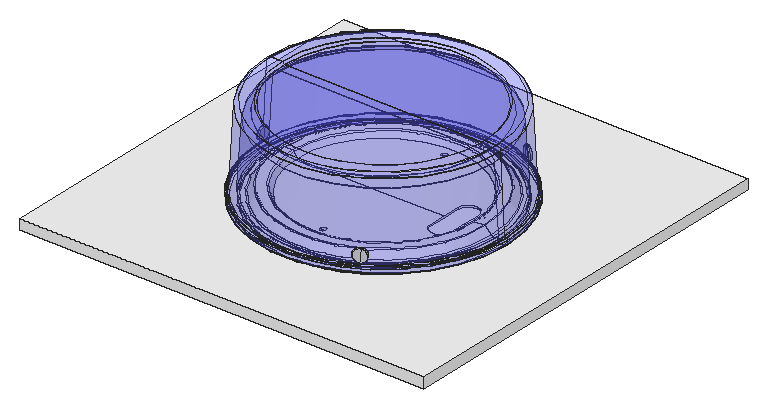
Revit family "BE_78634_de_DE", category Leuchten, Revit 2015
Parameters (values of type "BEGA_78634_K4")
  built-in parameter 1150104 = 11.566 (stored number, unit not read)
  Wattage = 10.6 W
  Default Elevation = 0 mm
  built-in parameter 1150113 = 1 (stored number, unit not read)
  built-in parameter 1114218 = 1 (stored number, unit not read)
  Umgebungstemperatur = ""
  URL = "http://www.bega.de/produkt/78634"
  Typenkommentare = "© 2017 BEGA. Wir behalten uns das Recht vor, technische Änderungen ohne vorherige Ankündigung vorzunehmen."  # constant formula
  built-in parameter 1150134 = 12
  built-in parameter 1150109 = 1 (stored number, unit not read)
  Strom = ""
  built-in parameter 1150110 = 1 (stored number, unit not read)
  Spannung = 239.996 V
  Sonderanfertigung = no
  Seriennummer [instance] = "Hier können Sie die eindeutige Seriennummer für das Facility Management eintragen."
  Schutzklasse = "I"
  Schutzart = "IP 20"
  Scheinlast = 0 VA
  Produktdatenblatt = "http://www.bega.de/download/Xrfa/db/78634.db.de.pdf"
  Oberflächentemperatur = ""
  Neigungswinkel = 0.00°
  Modell = "78634K4"
  Material_17 = BEGA_Reflektor
  Material_15 = BEGA_Leuchtmedium_matt
  Material_11 = BEGA_Glas_opal
  Material_09 = BEGA_Glas_klar
  Material_06 = BEGA_Oberfläche_Edelstahl_gebürstet
  Material_05 = BEGA_Oberfläche_Aluminium Guss
  Material_03 = BEGA_Oberfläche_Weiss_matt
  Material_02 = BEGA_Oberfläche_Silber_matt
  Material_01 [instance] = BEGA_Oberfläche_Grafit_matt
  M_W = no
  M_G = no
  M_A = no
  Logo = 0
  built-in parameter 1114217 = 1 (stored number, unit not read)
  built-in parameter 1150139 = (empty or 0)
  built-in parameter 1150105 = 246.36 (stored number, unit not read)
  built-in parameter 1150114 = 1 (stored number, unit not read)
  Lumens = 1319.7 lm
  built-in parameter 1150115 = 1 (stored number, unit not read)
  Leuchtenlichtstrom = "901 lm"
  Leuchtenanzahl = ""
  Lebensdauerkriterien = "L70 = 50.000 h"
  Lastklassifizierung = Beleuchtung
  built-in parameter 1150112 = 1 (stored number, unit not read)
  Lampenlichtstrom = "1320 lm"
  Lampe = "LED 10.6 W"
  LED_Modulbezeichnung = "2x LED-0343/840"
  Hersteller = "BEGA"  # constant formula
  Halbstreuwinkel = ""
  Gewicht = "2.5 kg"
  Gebrauchslageneinschränkung [instance] = ""
  Frequenz = "0/50-60 Hz"
  Farbwiedergabeindex = "Ra > 80"
  Farbtemperaturverschiebung bei Dämpfen der Lampe = <Keine Auswahl>
  Farbtemperatur = "4000 K"
  Color Filter = 16777215
  built-in parameter 1150133 = 10 (stored number, unit not read)
  Energieeffizienzklasse = "LED A++ - A"
  built-in parameter 1150137 = (empty or 0)
  built-in parameter 1150132 = (empty or 0)
  ENEC = ""
  Dimmbar [instance] = ""
  Datei für fotometrisches Netz = "BE_78634K4.IES"
  CE_Konformität = "ja"
  Bestellnummer = "78634K4"
  Beschreibung_Sonderanfertigung = "Hier können Sie Informationen zur Sonderanfertigung eintragen."
  Beschreibung = "Decken- und Wandleuchte"
  built-in parameter 1150106 = 2.4636 (stored number, unit not read)
  Befestigungsbohrung = "Ø 5,5 mm"
  Befestigungsabstand = "150 mm"
  Ballwurfsicher = ""
  BEGA_Intern_aus = yes
  BEGA_Intern_an = yes
  BEGA_Intern_Konstruktion = yes
  BEGA_Intern = yes
  BEGA_IES = yes
  BEGA_Dummy = no
  Anschlussleitung = ""
  Anschlussleistung [instance] = "12.5 W"
  Anschlusskasten = ""
  built-in parameter 1150107 = 4000 (stored number, unit not read)
  built-in parameter 1150102 = (empty or 0)
  built-in parameter 1150138 = (empty or 0)
  Aktualisierung = "2017-06-16T04:08:16"
  Abstand_zur_angestrahlten_Fläche [instance] = ""
  AC/DC = "AC/DC"
Types (2, lengths in mm): name | built-in parameter 1150104 | built-in parameter 1150134 | Modell | built-in parameter 1150105 | Lumens | Leuchtenlichtstrom | Lampenlichtstrom | LED_Modulbezeichnung | Farbtemperatur | Datei für fotometrisches Netz | Bestellnummer | built-in parameter 1150106 | built-in parameter 1150107
  BEGA_78634_K4 | 11.566 (stored number, unit not read) | 12 | "78634K4" | 246.36 (stored number, unit not read) | 1319.7 lm | "901 lm" | "1320 lm" | "2x LED-0343/840" | "4000 K" | "BE_78634K4.IES" | "78634K4" | 2.4636 (stored number, unit not read) | 4000 (stored number, unit not read)
  BEGA_78634_K3 | 10.78 (stored number, unit not read) | (empty or 0) | "78634" | 229.58 (stored number, unit not read) | 1229.92 lm | "840 lm" | "1230 lm" | "2x LED-0343/830" | "3000 K" | "BE_78634.IES" | "78634" | 2.2958 (stored number, unit not read) | 3000 (stored number, unit not read)
Reference planes
  plane 1 "Mitte (Vorne/Hinten)": y = 0
  plane 2: z = 0
  plane 3 "Mitte (Links/Rechts)": x = 0
  plane 4 "Links": x = -123
  plane 5 "Rechts": x = 123
  plane 6 "Unten": y = -123
  plane 7 "Oben": y = 123
  plane 8 "Vorne": z = 86.25
  plane 9 "Hinten": z = 0
Forms (mm)
  Extrusion 1, solid, material "BEGA_Platte_Weiss"
    sketch origin (0, -1119.2, 0) x (1, 0, 0) y (0, 1, 0)
      loop
        line (-200, 1319.2) -> (-200, 919.2) -> (200, 919.2) -> (200, 1319.2) -> (-200, 1319.2)
    from 0 to -10
  Extrusion 2, solid, material "BEGA_Dummy_matt", visible <- "BEGA_Dummy"
    sketch origin (77.149, -76.023, 0) x (1, 0, 0) y (0, 1, 0)
      loop
        circle (-77.149, 76.023) r 123
    from 0 to 86.25
Dimensions and locks
  plane 1 "Mitte (Vorne/Hinten)" to Extrusion 1 = 200 mm
  aligned and locked: plane 2 to Extrusion 1
  aligned and locked: level to Extrusion 1
Nested families
  nested 1: "BE_78634" at (0, 0, 0), type "BE_78634"
Connectors
  electrical at (0, 0, 0), driven by "Lastklassifizierung", driven by "Spannung", driven by "Scheinlast"
    settings: index 1, voltage 239.996 V, apparent load 0 VA, apparent load phase1 0 VA, apparent load phase2 0 VA, apparent load phase3 0 VA, power factor 1, load classification "Beleuchtung", number of poles 1, system type 31, power factor state 1, is connector primary yes, connector utility no, sub classification motor no, connector description ""
Definition of nested family "BE_78634"
  Parameters (values of type "BE_78634")
    Default Elevation = 1 mm
    URL = "http://www.bega.de/de/produkt"
    Type Comments = "© 2015 BEGA. Wir behalten uns das Recht vor, technische Änderungen ohne vorherige Ankündigung vorzunehmen. "  # constant formula
    Type Image = (empty or 0)
    Neigungswinkel_um_Z2 = 0.00°
    Neigungswinkel_um_Z1 = 0.00°
    Neigungswinkel_um_Y2 = 0.00°
    Neigungswinkel_um_Y1 = 0.00°
    Neigungswinkel_um_X2 = 0.00°
    Neigungswinkel_um_X1 = 0.00°
    Material_17 = none
    Material_15 = none
    Material_11 = none
    Material_09 = none
    Material_06 = none
    Material_05 = none
    Material_03 = none
    Material_02 = none
    Material_01 = none
    M_W = yes
    M_G = yes
    M_A = yes
    Länge_Platte = 300 mm  # constant formula
    Höhe_Platte = -10 mm  # constant formula
    Manufacturer = "BEGA"  # constant formula
    Drehwinkel_um_Z2 = 0.00°
    Drehwinkel_um_Z1 = 0.00°
    Breite_Platte = 300 mm  # constant formula
  Reference planes
    plane 1 "Mitte (Oben/Unten)": y = 0
    plane 2: z = 0
    plane 3 "Mitte (Links/Rechts)": x = 0
    plane 4: x = -123
    plane 5: z = 86.25
    plane 6: x = 123
    plane 7: y = -123
    plane 8: y = 123
  Forms (mm)
    Extrusion 1, solid, detail levels medium
      sketch origin (0, 0, 0) x (1, 0, 0) y (0, 1, 0)
        loop
          line (-150, 150) -> (-150, -150) -> (150, -150) -> (150, 150) -> (-150, 150)
      from 0 to -10 <- "Höhe_Platte"
    Revolve 2, solid, material <- "Material_03", detail levels medium+fine
      sketch origin (0, 0, 0) x (1, 0, 0) y (0, 0, 1)
        loop
          line (-119.5, 0) -> (-114, 0)
          arc (-114, 0) -> (-112.339, 0.733) -> (-111.748, 2.455) r 2.25
          arc (-111.748, 2.455) -> (-111.619, 2.837) -> (-111.25, 3) r 0.5
          line (-111.25, 3) -> (-107.375, 3)
          arc (-107.375, 3) -> (-106.055, 3.28) -> (-104.963, 4.072) r 3.25
          line (-104.963, 4.072) -> (-99.4, 10.25) -> (-89.816, 10.25) -> (-87.246, 5.206)
          arc (-87.246, 5.206) -> (-86.601, 4.508) -> (-85.686, 4.25) r 1.75
          line (-85.686, 4.25) -> (0, 4.25) -> (0, 5.5) -> (-85.993, 5.5) -> (-88.563, 10.544)
          arc (-88.563, 10.544) -> (-89.209, 11.243) -> (-90.126, 11.5) r 1.75
          line (-90.126, 11.5) -> (-99.398, 11.5)
          arc (-99.398, 11.5) -> (-99.908, 11.392) -> (-100.33, 11.085) r 1.254
          line (-100.33, 11.085) -> (-105.884, 4.917)
          arc (-105.884, 4.917) -> (-106.558, 4.424) -> (-107.367, 4.25) r 2
          line (-107.367, 4.25) -> (-111.25, 4.25)
          arc (-111.25, 4.25) -> (-112.542, 3.68) -> (-113.004, 2.341) r 1.75
          arc (-113.004, 2.341) -> (-113.261, 1.576) -> (-113.999, 1.25) r 1
          line (-113.999, 1.25) -> (-119.5, 1.25) -> (-119.5, 0)
        axis (0, 0) -> (0, 11.5)
      angle from 0 to 360
    Revolve 3, solid, material <- "Material_11", detail levels medium+fine
      sketch origin (0, 0, 0) x (1, 0, 0) y (0, 0, 1)
        loop
          line (0, 84.25) -> (-98, 84.25) -> (-100, 86.25) -> (-112.065, 86.25)
          arc (-112.065, 86.25) -> (-114.762, 85.204) -> (-116.049, 82.614) r 4
          line (-116.049, 82.614) -> (-119.95, 8.168)
          arc (-119.95, 8.168) -> (-120.261, 7.495) -> (-120.949, 7.22) r 1
          line (-120.949, 7.22) -> (-122, 7.22)
          arc (-122, 7.22) -> (-122.707, 6.927) -> (-123, 6.22) r 1
          line (-123, 6.22) -> (-123, 2.22)
          arc (-123, 2.22) -> (-122.707, 1.513) -> (-122, 1.22) r 1
          line (-122, 1.22) -> (-113.5, 1.22) -> (-113.5, 6.22) -> (-109.559, 70.647)
          arc (-109.559, 70.647) -> (-107.371, 75.317) -> (-102.578, 77.22) r 7
          line (-102.578, 77.22) -> (0, 77.22) -> (0, 84.25)
        axis (0, 1.22) -> (0, 86.25)
      angle from 0 to 360
    Revolve 4, void
      sketch origin (0, 0, 0) x (1, 0, 0) y (0, 0, 1)
        loop
          line (-117.813, 22.175) -> (-119.857, 23.502) -> (-120.226, 16.458) -> (-118.119, 16.347) -> (-117.813, 22.175)
        axis (-120.226, 16.458) -> (-118.119, 16.347)
      angle from 0 to 360
    Revolve 5, solid, material <- "Material_06", detail levels fine
      sketch origin (0, 0, 0) x (1, 0, 0) y (0, 0, 1)
        loop
          line (-120.48, 22.308) -> (-120.785, 16.486) -> (-118.119, 16.346) -> (-117.814, 22.168) -> (-120.48, 22.308)
        axis (-120.785, 16.486) -> (-118.119, 16.346)
      angle from 0 to 360
    Extrusion 6, void
      sketch origin (0, 0, 0) x (1, 0, 0) y (0, 1, 0)
        loop
          arc (80, 17) -> (70, 27) -> (60, 17) r 10
          line (60, 17) -> (60, -17)
          arc (60, -17) -> (70, -27) -> (80, -17) r 10
          line (80, -17) -> (80, 17)
        loop
          circle (0, 75) r 2.75
        loop
          circle (0, -75) r 2.75
      from 0 to 8.953
    Revolve 7, void
      sketch origin (0, 0, 0) x (-0.5, -0.866025, 0) y (0, 0, 1)
        loop
          line (-117.813, 22.175) -> (-119.857, 23.502) -> (-120.226, 16.458) -> (-118.119, 16.347) -> (-117.813, 22.175)
        axis (-120.226, 16.458) -> (-118.119, 16.347)
      angle from 0 to 360
    Revolve 8, void
      sketch origin (0, 0, 0) x (-0.5, 0.866025, 0) y (0, 0, 1)
        loop
          line (-117.813, 22.175) -> (-119.857, 23.502) -> (-120.226, 16.458) -> (-118.119, 16.347) -> (-117.813, 22.175)
        axis (-120.226, 16.458) -> (-118.119, 16.347)
      angle from 0 to 360
    Revolve 9, solid, material <- "Material_06", detail levels fine
      sketch origin (0, 0, 0) x (-0.5, -0.866025, 0) y (0, 0, 1)
        loop
          line (-120.48, 22.308) -> (-120.785, 16.486) -> (-118.119, 16.346) -> (-117.814, 22.168) -> (-120.48, 22.308)
        axis (-120.785, 16.486) -> (-118.119, 16.346)
      angle from 0 to 360
    Revolve 10, solid, material <- "Material_06", detail levels fine
      sketch origin (0, 0, 0) x (-0.5, 0.866025, 0) y (0, 0, 1)
        loop
          line (-120.48, 22.308) -> (-120.785, 16.486) -> (-118.119, 16.346) -> (-117.814, 22.168) -> (-120.48, 22.308)
        axis (-120.785, 16.486) -> (-118.119, 16.346)
      angle from 0 to 360
  Cuts and joins
    Revolve 4, Revolve 7, Revolve 8 cuts Revolve 3
    Extrusion 6 cuts Revolve 2
  Dimensions and locks
    equal spacing: Extrusion 1 sketch curve, plane 3 "Mitte (Links/Rechts)", Extrusion 1 sketch curve
    equal spacing: Extrusion 1 sketch curve, plane 1 "Mitte (Oben/Unten)", Extrusion 1 sketch curve
    "Länge_Platte": Extrusion 1 sketch curve to Extrusion 1 sketch curve
    "Breite_Platte": Extrusion 1 sketch curve to Extrusion 1 sketch curve
    aligned and locked: Extrusion 1 to plane 2
    aligned and locked: level to Extrusion 1
  Automatic sketch dimensions
    Revolve 2 sketch curve to plane 3 "Mitte (Links/Rechts)" = 0 mm  (x2)
    level to Revolve 2 sketch curve = 4.25 mm
    Revolve 2 sketch curve to plane 3 "Mitte (Links/Rechts)" = 85.686 mm
    Revolve 2 sketch curve to Revolve 2 sketch curve = 9.272 mm
    Revolve 2 sketch curve to Revolve 2 sketch curve = 3.883 mm
    Revolve 2 sketch curve to Revolve 2 sketch curve = 0 mm  (x13)
    level to Revolve 2 sketch curve = 1.25 mm
    Revolve 2 sketch curve to Revolve 2 sketch curve = 2.749 mm
    level to Revolve 2 sketch curve = 0 mm
    Revolve 2 sketch curve to Revolve 2 sketch curve = 0.001 mm  (x2)
    Revolve 2 sketch curve to Revolve 2 sketch curve = 5.5 mm
    Revolve 2 sketch curve to Revolve 2 sketch curve = 1 mm
    level to Revolve 2 sketch curve = 2.5 mm
    Revolve 2 sketch curve to Revolve 2 sketch curve = 0.5 mm  (x3)
    Revolve 2 sketch curve to Revolve 2 sketch curve = 0.498 mm
    Revolve 2 sketch curve to Revolve 2 sketch curve = 0.011 mm  (x2)
    Revolve 2 sketch curve to Revolve 2 sketch curve = 1.007 mm
    Revolve 2 sketch curve to Revolve 2 sketch curve = 1.848 mm
    Revolve 2 sketch curve to Revolve 2 sketch curve = 1.902 mm
    Revolve 3 sketch curve to plane 3 "Mitte (Links/Rechts)" = 0 mm  (x2)
    Revolve 3 sketch curve to Revolve 3 sketch curve = 98 mm
    Revolve 3 sketch curve to Revolve 3 sketch curve = 2 mm  (x2)
    Revolve 3 sketch curve to Revolve 3 sketch curve = 4.573 mm
    Revolve 3 sketch curve to Revolve 3 sketch curve = 0.005 mm
    Revolve 3 sketch curve to Revolve 3 sketch curve = 12.065 mm
    level to Revolve 3 sketch curve = 1.22 mm
    Revolve 3 sketch curve to Revolve 3 sketch curve = 10.927 mm
    level to Revolve 3 sketch curve = 82.614 mm
    Revolve 3 sketch curve to Revolve 3 sketch curve = 3.983 mm
    Revolve 3 sketch curve to Revolve 3 sketch curve = 7.449 mm
    level to Revolve 3 sketch curve = 2.22 mm
    Revolve 3 sketch curve to Revolve 3 sketch curve = 1.051 mm
    Revolve 3 sketch curve to Revolve 3 sketch curve = 1 mm  (x2)
    Revolve 3 sketch curve to Revolve 3 sketch curve = 5 mm
    Revolve 3 sketch curve to Revolve 3 sketch curve = 4 mm
    Revolve 3 sketch curve to Revolve 3 sketch curve = 12.394 mm
    level to Revolve 3 sketch curve = 77.22 mm
    Revolve 3 sketch curve to Revolve 3 sketch curve = 0.364 mm
    Revolve 3 sketch curve to Revolve 3 sketch curve = 6.987 mm
    Revolve 3 sketch curve to Revolve 3 sketch curve = 0 mm  (x3)
    level to Revolve 3 sketch curve = 8.168 mm
    Revolve 3 sketch curve to Revolve 3 sketch curve = 0.999 mm
    Revolve 3 sketch curve to Revolve 3 sketch curve = 7.291 mm
    Revolve 3 sketch curve to Revolve 3 sketch curve = 0.03 mm
    level to Revolve 2 sketch curve = 5.206 mm
    Revolve 2 sketch curve to Revolve 2 sketch curve = 0.294 mm
    Revolve 2 sketch curve to Revolve 2 sketch curve = 1.253 mm  (x2)
    Revolve 2 sketch curve to Revolve 2 sketch curve = 3.823 mm
    Revolve 2 sketch curve to Revolve 2 sketch curve = 0.306 mm  (x2)
    Revolve 2 sketch curve to Revolve 2 sketch curve = 1.25 mm  (x2)
    Revolve 2 sketch curve to Revolve 2 sketch curve = 0.007 mm  (x2)
    Revolve 2 sketch curve to Revolve 2 sketch curve = 2 mm
    Revolve 2 sketch curve to Revolve 2 sketch curve = 0.008 mm
    Revolve 2 sketch curve to Revolve 2 sketch curve = 2.405 mm
    level to Revolve 2 sketch curve = 10.25 mm
    Revolve 2 sketch curve to Revolve 2 sketch curve = 5.563 mm
    level to Revolve 2 sketch curve = 4.917 mm
    Revolve 2 sketch curve to Revolve 2 sketch curve = 0.922 mm
    Revolve 2 sketch curve to Revolve 2 sketch curve = 0.002 mm
    Revolve 2 sketch curve to Revolve 2 sketch curve = 0.004 mm
    level to Revolve 2 sketch curve = 11.085 mm
    Revolve 2 sketch curve to Revolve 2 sketch curve = 0.93 mm
    Revolve 2 sketch curve to Revolve 2 sketch curve = 0.31 mm
    level to Revolve 2 sketch curve = 10.544 mm
    Revolve 4 sketch curve to Revolve 4 sketch curve = 0.369 mm
    Revolve 4 sketch curve to Revolve 4 sketch curve = 2.107 mm
    Revolve 4 sketch curve to Revolve 4 sketch curve = 2.044 mm
    Revolve 4 sketch curve to Revolve 4 sketch curve = 2.991 mm
    Revolve 4 sketch curve to Revolve 4 sketch curve = 13.414 mm
    Revolve 5 sketch curve to Revolve 5 sketch curve = 0.305 mm
    Revolve 5 sketch curve to Revolve 5 sketch curve = 2.666 mm  (x2)
    Revolve 5 sketch curve to Revolve 5 sketch curve = 0 mm  (x2)
    Revolve 5 sketch curve to Revolve 5 sketch curve = 15.891 mm
    Revolve 4 sketch curve to Revolve 4 sketch curve = 0.11 mm
    Revolve 4 sketch curve to Revolve 4 sketch curve = 5.828 mm
    Revolve 4 sketch curve to Revolve 4 sketch curve = 1.327 mm
    Revolve 4 sketch curve to Revolve 4 sketch curve = 0.157 mm
    Revolve 4 sketch curve to Revolve 4 sketch curve = 0.703 mm
    Revolve 7 sketch curve to Revolve 7 sketch curve = 0.369 mm
    Revolve 7 sketch curve to Revolve 7 sketch curve = 2.107 mm
    Revolve 7 sketch curve to Revolve 7 sketch curve = 2.044 mm
    Revolve 7 sketch curve to Revolve 7 sketch curve = 2.991 mm
    Revolve 7 sketch curve to Revolve 7 sketch curve = 13.414 mm
    Revolve 7 sketch curve to Revolve 7 sketch curve = 0.11 mm
    Revolve 7 sketch curve to Revolve 7 sketch curve = 5.828 mm
    Revolve 7 sketch curve to Revolve 7 sketch curve = 1.327 mm
    Revolve 7 sketch curve to Revolve 7 sketch curve = 0.157 mm
    Revolve 7 sketch curve to Revolve 7 sketch curve = 0.703 mm
    Revolve 8 sketch curve to Revolve 8 sketch curve = 0.369 mm
    Revolve 8 sketch curve to Revolve 8 sketch curve = 2.107 mm
    Revolve 8 sketch curve to Revolve 8 sketch curve = 2.044 mm
    Revolve 8 sketch curve to Revolve 8 sketch curve = 2.991 mm
    Revolve 8 sketch curve to Revolve 8 sketch curve = 13.414 mm
    Revolve 8 sketch curve to Revolve 8 sketch curve = 0.11 mm
    Revolve 8 sketch curve to Revolve 8 sketch curve = 5.828 mm
    Revolve 8 sketch curve to Revolve 8 sketch curve = 1.327 mm
    Revolve 8 sketch curve to Revolve 8 sketch curve = 0.157 mm
    Revolve 8 sketch curve to Revolve 8 sketch curve = 0.703 mm
    level to Revolve 4 sketch curve = 16.458 mm
    Revolve 4 sketch curve to plane 3 "Mitte (Links/Rechts)" = 120.226 mm
    level to Revolve 7 sketch curve = 16.458 mm
    level to Revolve 8 sketch curve = 16.458 mm
    Revolve 5 sketch curve to Revolve 5 sketch curve = 0.14 mm  (x2)
    Revolve 5 sketch curve to Revolve 5 sketch curve = 0.833 mm
    Revolve 9 sketch curve to Revolve 9 sketch curve = 0.305 mm
    Revolve 9 sketch curve to Revolve 9 sketch curve = 2.666 mm  (x2)
    Revolve 9 sketch curve to Revolve 9 sketch curve = 0 mm  (x2)
    Revolve 9 sketch curve to Revolve 9 sketch curve = 15.891 mm
    Revolve 9 sketch curve to Revolve 9 sketch curve = 0.14 mm  (x2)
    Revolve 9 sketch curve to Revolve 9 sketch curve = 0.833 mm
    Revolve 10 sketch curve to Revolve 10 sketch curve = 0.305 mm
    Revolve 10 sketch curve to Revolve 10 sketch curve = 2.666 mm  (x2)
    Revolve 10 sketch curve to Revolve 10 sketch curve = 0 mm  (x2)
    Revolve 10 sketch curve to Revolve 10 sketch curve = 15.891 mm
    Revolve 10 sketch curve to Revolve 10 sketch curve = 0.14 mm  (x2)
    Revolve 10 sketch curve to Revolve 10 sketch curve = 0.833 mm
    level to Revolve 5 sketch curve = 16.486 mm
    Revolve 5 sketch curve to plane 3 "Mitte (Links/Rechts)" = 120.785 mm
    level to Revolve 9 sketch curve = 16.486 mm
    level to Revolve 10 sketch curve = 16.486 mm
    Extrusion 6 sketch curve to Extrusion 6 sketch curve = 10 mm
    plane 1 "Mitte (Oben/Unten)" to Extrusion 6 sketch curve = 17 mm
    plane 3 "Mitte (Links/Rechts)" to Extrusion 6 sketch curve = 60 mm
    Extrusion 6 sketch curve to plane 1 "Mitte (Oben/Unten)" = 17 mm
    Extrusion 6 sketch curve to plane 3 "Mitte (Links/Rechts)" = 0 mm  (x2)
    plane 1 "Mitte (Oben/Unten)" to Extrusion 6 sketch curve = 75 mm
    Extrusion 6 sketch curve to plane 1 "Mitte (Oben/Unten)" = 75 mm
    radius of Extrusion 6 sketch curve = 2.75 mm  (x2)
